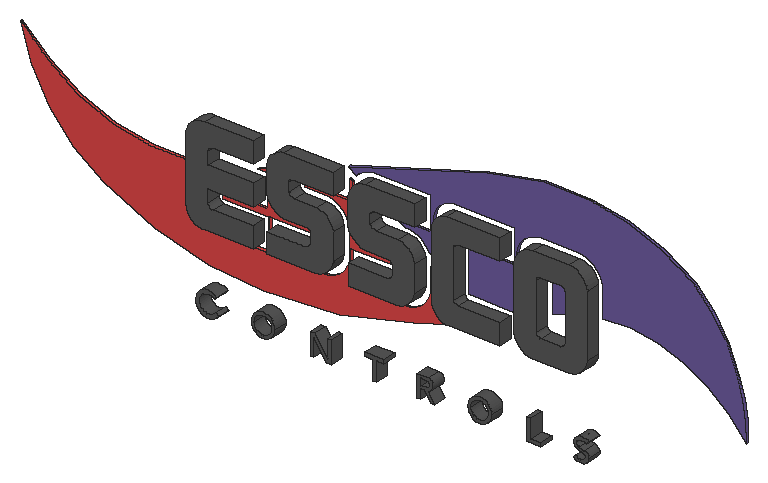
Revit family "ESS-ECO", category Mechanical Equipment, Revit 2015
Parameters (values of type "ECO-Twin")
  Voltage = 240 V
  URL = "www.esscocontrols.co.uk"
  Space Heating Supply = 19.1 mm
  Space Heating Return = 19.1 mm
  Min working pressure DHW = "2 Bar"
  Max working temperature = 95 °C
  Max working pressure secondary(heating) = "3 Bar"
  Max working pressure primary = "10 Bar"
  Manufacturer = "Essco Controls Ltd"
  Load Classification = Other
  Heat transfer capacity = "5-60kW"
  External Cover Visibility [instance] = yes
  Domestic Hot Water = 19.1 mm
  Domestic Cold Water Outlet = 19.1 mm
  Domestic Cold Water Inlet = 19.1 mm
  Connections = "¾” BSP Insulated Pipe"
  Central Heating Supply = 19.1 mm
  Central Heating Return = 19.1 mm
Reference planes
  plane 1 "Center (Front/Back)": y = 0
  plane 2: z = 0
  plane 3 "Center (Left/Right)": x = 0
  plane 4: z = -25
Dimensions and locks
  aligned and locked: level to plane 2
Nested families
  nested 1: "ESSCO_Logo" at (100.137, -335.892, 38.538) x (1, 0, 0) z (0, -1, 0), visible <- "External Cover Visibility", type "ESSCO_Logo"
Connectors
  electrical at (285.137, -54.3, 375), driven by "Voltage", driven by "Load Classification"
    settings: on import instance, index 24, voltage 240 V, apparent load 0 VA, apparent load phase1 0 VA, apparent load phase2 0 VA, apparent load phase3 0 VA, power factor 1, load classification "Other", number of poles 1, system type 31, power factor state 1, is connector primary yes, connector utility no, sub classification motor no, connector description ""
  piping at (-220.153, -181.479, -116.3), diameter 19.1, driven by "Domestic Cold Water Outlet"
    settings: on import instance, index 25, connector inside diameter 609.6 mm, connector length 0 mm, flow factor 0, pipe flow 0.0 L/s, pressure drop 0.0 Pa, fitting loss kfactor 0, connector angle 0.00°, fixture units 0, engagement length 0 mm, angle of deflection 0.00°, flow configuration 0, flow direction 0, fitting loss method 0, system type 29, joint type 0, gender type 0, connector reference index -1, connector utility 0, adjustable connector no, is connector primary yes, connector description ""
  piping at (-160.153, -181.5, -116.3), diameter 19.1, driven by "Domestic Hot Water"
    settings: on import instance, index 26, connector inside diameter 609.6 mm, connector length 0 mm, flow factor 0, pipe flow 0.0 L/s, pressure drop 0.0 Pa, fitting loss kfactor 0, connector angle 0.00°, fixture units 0, engagement length 0 mm, angle of deflection 0.00°, flow configuration 0, flow direction 0, fitting loss method 0, system type 29, joint type 0, gender type 0, connector reference index -1, connector utility 0, adjustable connector no, is connector primary no, connector description ""
  piping at (-100.153, -181.5, -116.3), diameter 19.1, driven by "Domestic Cold Water Inlet"
    settings: on import instance, index 27, connector inside diameter 609.6 mm, connector length 0 mm, flow factor 0, pipe flow 0.0 L/s, pressure drop 0.0 Pa, fitting loss kfactor 0, connector angle 0.00°, fixture units 0, engagement length 0 mm, angle of deflection 0.00°, flow configuration 0, flow direction 0, fitting loss method 0, system type 29, joint type 0, gender type 0, connector reference index -1, connector utility 0, adjustable connector no, is connector primary no, connector description ""
  piping at (-40.153, -181.479, -169.3), diameter 19.1, driven by "Central Heating Supply"
    settings: on import instance, index 28, connector inside diameter 609.6 mm, connector length 0 mm, flow factor 0, pipe flow 0.0 L/s, pressure drop 0.0 Pa, fitting loss kfactor 0, connector angle 0.00°, fixture units 0, engagement length 0 mm, angle of deflection 0.00°, flow configuration 0, flow direction 0, fitting loss method 0, system type 29, joint type 0, gender type 0, connector reference index -1, connector utility 0, adjustable connector no, is connector primary no, connector description ""
  piping at (59.847, -181.5, -169.3), diameter 19.1, driven by "Central Heating Return"
    settings: on import instance, index 29, connector inside diameter 609.6 mm, connector length 0 mm, flow factor 0, pipe flow 0.0 L/s, pressure drop 0.0 Pa, fitting loss kfactor 0, connector angle 0.00°, fixture units 0, engagement length 0 mm, angle of deflection 0.00°, flow configuration 0, flow direction 0, fitting loss method 0, system type 29, joint type 0, gender type 0, connector reference index -1, connector utility 0, adjustable connector no, is connector primary no, connector description ""
  piping at (127.347, -181.5, -116.3), diameter 19.1, driven by "Space Heating Return"
    settings: on import instance, index 30, connector inside diameter 609.6 mm, connector length 0 mm, flow factor 0, pipe flow 0.0 L/s, pressure drop 0.0 Pa, fitting loss kfactor 0, connector angle 0.00°, fixture units 0, engagement length 0 mm, angle of deflection 0.00°, flow configuration 0, flow direction 0, fitting loss method 0, system type 29, joint type 0, gender type 0, connector reference index -1, connector utility 0, adjustable connector no, is connector primary no, connector description ""
  piping at (194.847, -181.5, -116.3), diameter 19.1, driven by "Space Heating Supply"
    settings: on import instance, index 31, connector inside diameter 609.6 mm, connector length 0 mm, flow factor 0, pipe flow 0.0 L/s, pressure drop 0.0 Pa, fitting loss kfactor 0, connector angle 0.00°, fixture units 0, engagement length 0 mm, angle of deflection 0.00°, flow configuration 0, flow direction 0, fitting loss method 0, system type 29, joint type 0, gender type 0, connector reference index -1, connector utility 0, adjustable connector no, is connector primary no, connector description ""
Definition of nested family "ESSCO_Logo"
  Parameters (values of type "ESSCO_Logo")
    Default Elevation = 1219.2 mm
  Reference planes
    plane 1 "Center (Front/Back)": y = 0
    plane 2: z = 0
    plane 3 "Center (Left/Right)": x = 0
  Forms (mm)
    Extrusion 1, solid
      sketch origin (0, 0, 0) x (1, 0, 0) y (0, 1, 0)
        loop
          line (-1219.2, 1219.2) -> (-1219.2, -1219.2) -> (1219.2, -1219.2) -> (1219.2, 1219.2) -> (-1219.2, 1219.2)
      from 0 to -304.8
    Extrusion 2, solid, not visible
      sketch origin (-780.708, -218.954, 0) x (1, 0, 0) y (0, 1, 0)
        loop
          line (765.202, 238.25) -> (756.391, 238.25) -> (756.391, 233.65) -> (767.198, 233.65)
          arc (767.198, 233.65) -> (769.96, 234.789) -> (771.37, 237.424) r 4.427
          line (771.37, 237.424) -> (771.37, 243.343)
          arc (771.37, 243.343) -> (770.134, 245.829) -> (767.579, 246.917) r 4.009
          line (767.579, 246.917) -> (762.551, 246.917)
          arc (762.551, 246.917) -> (761.785, 247.313) -> (761.33, 248.046) r 1.623
          line (761.33, 248.046) -> (761.33, 249.986)
          arc (761.33, 249.986) -> (761.654, 250.547) -> (762.251, 250.8) r 1.02
          line (762.251, 250.8) -> (771.404, 250.8) -> (771.404, 255.403) -> (760.268, 255.44)
          arc (760.268, 255.44) -> (757.619, 254.299) -> (756.334, 251.717) r 4.194
          line (756.334, 251.717) -> (756.334, 246.106)
          arc (756.334, 246.106) -> (757.651, 243.547) -> (760.203, 242.217) r 4.751
          line (760.203, 242.217) -> (765.586, 242.217)
          arc (765.586, 242.217) -> (766.07, 241.975) -> (766.346, 241.51) r 0.962
          line (766.346, 241.51) -> (766.346, 239.137)
          arc (766.346, 239.137) -> (765.906, 238.523) -> (765.202, 238.25) r 1.325
        loop
          line (783.58, 238.25) -> (774.77, 238.25) -> (774.77, 233.65) -> (785.576, 233.65)
          arc (785.576, 233.65) -> (788.339, 234.789) -> (789.748, 237.424) r 4.427
          line (789.748, 237.424) -> (789.748, 243.343)
          arc (789.748, 243.343) -> (788.512, 245.829) -> (785.957, 246.917) r 4.009
          line (785.957, 246.917) -> (780.93, 246.917)
          arc (780.93, 246.917) -> (780.163, 247.313) -> (779.709, 248.046) r 1.623
          line (779.709, 248.046) -> (779.709, 249.986)
          arc (779.709, 249.986) -> (780.033, 250.547) -> (780.63, 250.8) r 1.02
          line (780.63, 250.8) -> (789.748, 250.8) -> (789.748, 255.44) -> (778.646, 255.44)
          arc (778.646, 255.44) -> (775.998, 254.299) -> (774.712, 251.717) r 4.194
          line (774.712, 251.717) -> (774.712, 246.106)
          arc (774.712, 246.106) -> (776.029, 243.547) -> (778.581, 242.217) r 4.751
          line (778.581, 242.217) -> (783.964, 242.217)
          arc (783.964, 242.217) -> (784.448, 241.975) -> (784.725, 241.51) r 0.962
          line (784.725, 241.51) -> (784.725, 239.137)
          arc (784.725, 239.137) -> (784.284, 238.523) -> (783.58, 238.25) r 1.325
        loop
          arc (717.483, 233.441) -> (735.006, 226.419) -> (753.742, 224.114) r 73.174
          arc (753.742, 224.114) -> (770.834, 225.296) -> (787.428, 229.555) r 94.158
          arc (787.428, 229.555) -> (791.895, 230.99) -> (796.394, 232.32) r 201.87
          arc (796.394, 232.32) -> (793.235, 234.476) -> (792.132, 238.139) r 5.739
          line (792.132, 238.139) -> (792.132, 241.595) -> (791.372, 242.355) -> (791.372, 237.283)
          arc (791.372, 237.283) -> (789.663, 233.998) -> (786.322, 232.4) r 5.842
          line (786.322, 232.4) -> (773.328, 232.4) -> (773.328, 239.65) -> (783.482, 239.65) -> (783.482, 240.911) -> (779.179, 240.911)
          arc (779.179, 240.911) -> (775.771, 242.07) -> (773.652, 244.981) r 5.959
          line (773.652, 244.981) -> (773.652, 253.178) -> (772.981, 253.68) -> (772.981, 249.258) -> (763.01, 249.258) -> (763.01, 248.456) -> (767.382, 248.456)
          arc (767.382, 248.456) -> (771.397, 246.876) -> (772.976, 242.861) r 5.405
          line (772.976, 242.861) -> (772.976, 236.599)
          arc (772.976, 236.599) -> (771.067, 233.783) -> (767.986, 232.34) r 6.409
          line (767.986, 232.34) -> (755.053, 232.34) -> (755.053, 239.567) -> (764.939, 239.567) -> (764.939, 241.007) -> (759.709, 241.007)
          arc (759.709, 241.007) -> (756.851, 242.484) -> (755.081, 245.171) r 6.362
          line (755.081, 245.171) -> (755.081, 249.384) -> (752.294, 248.345) -> (754.679, 248.345) -> (754.679, 241.129) -> (744.455, 241.129) -> (744.455, 239.567) -> (754.749, 239.567) -> (754.749, 232.34) -> (741.67, 232.34)
          arc (741.67, 232.34) -> (738.35, 233.683) -> (736.534, 236.771) r 5.568
          line (736.534, 236.771) -> (736.534, 244.685)
          arc (736.534, 244.685) -> (715.847, 247.481) -> (698.712, 259.404) r 44.496
          arc (698.712, 259.404) -> (705.364, 244.446) -> (717.483, 233.441) r 39.721
        loop
          line (743.08, 239.396) -> (743.08, 242.228) -> (753.387, 242.228) -> (753.387, 246.947) -> (743.08, 246.947) -> (743.08, 249.826)
          arc (743.08, 249.826) -> (743.449, 250.441) -> (744.096, 250.752) r 1.248
          line (744.096, 250.752) -> (753.304, 250.8) -> (753.304, 255.44) -> (742.382, 255.431)
          arc (742.382, 255.431) -> (739.369, 254.356) -> (738.077, 251.429) r 4.047
          line (738.077, 251.429) -> (738.077, 237.359)
          arc (738.077, 237.359) -> (739.487, 234.55) -> (742.51, 233.689) r 3.906
          line (742.51, 233.689) -> (753.37, 233.689) -> (753.37, 238.311) -> (744.264, 238.311)
          arc (744.264, 238.311) -> (743.477, 238.64) -> (743.08, 239.396) r 1.259
        loop
          arc (793.546, 237.378) -> (794.759, 234.594) -> (797.617, 233.566) r 3.833
          line (797.617, 233.566) -> (808.98, 233.588) -> (808.98, 238.27) -> (799.355, 238.27)
          arc (799.355, 238.27) -> (798.853, 238.601) -> (798.576, 239.135) r 1.192
          line (798.576, 239.135) -> (798.576, 249.851)
          arc (798.576, 249.851) -> (798.93, 250.462) -> (799.568, 250.767) r 1.192
          line (799.568, 250.767) -> (808.996, 250.767) -> (808.98, 255.403) -> (796.945, 255.403)
          arc (796.945, 255.403) -> (794.524, 254.151) -> (793.546, 251.607) r 3.833
          line (793.546, 251.607) -> (793.546, 237.378)
        loop
          arc (822.659, 238.266) -> (823.401, 238.53) -> (823.747, 239.238) r 1.045
          line (823.747, 239.238) -> (823.747, 249.723)
          arc (823.747, 249.723) -> (823.401, 250.43) -> (822.659, 250.695) r 1.045
          line (822.659, 250.695) -> (818.281, 250.695)
          arc (818.281, 250.695) -> (817.539, 250.43) -> (817.192, 249.723) r 1.045
          line (817.192, 249.723) -> (817.192, 239.238)
          arc (817.192, 239.238) -> (817.539, 238.53) -> (818.281, 238.266) r 1.045
          line (818.281, 238.266) -> (822.659, 238.266)
        loop
          arc (828.741, 251.482) -> (827.367, 254.235) -> (824.509, 255.373) r 4.315
          line (824.509, 255.373) -> (816.431, 255.373)
          arc (816.431, 255.373) -> (813.572, 254.235) -> (812.198, 251.482) r 4.315
          line (812.198, 251.482) -> (812.198, 237.479)
          arc (812.198, 237.479) -> (813.572, 234.726) -> (816.431, 233.588) r 4.315
          line (816.431, 233.588) -> (824.509, 233.588)
          arc (824.509, 233.588) -> (827.367, 234.726) -> (828.741, 237.479) r 4.315
          line (828.741, 237.479) -> (828.741, 251.482)
        loop
          arc (804.088, 265.78) -> (788.416, 261.265) -> (772.941, 256.115) r 400.548
          line (772.941, 256.115) -> (774.585, 254.823)
          arc (774.585, 254.823) -> (776.673, 256.358) -> (779.209, 256.888) r 6.1
          line (779.209, 256.888) -> (791.31, 256.888) -> (791.31, 249.288) -> (783.767, 249.288) -> (785.763, 248.243)
          arc (785.763, 248.243) -> (788.787, 247.528) -> (790.824, 245.18) r 5.063
          line (790.824, 245.18) -> (791.97, 244.378) -> (791.97, 251.293)
          arc (791.97, 251.293) -> (793.782, 255.64) -> (798.331, 256.861) r 5.339
          line (798.331, 256.861) -> (810.351, 256.861) -> (810.351, 249.285) -> (799.961, 249.285) -> (799.961, 239.749) -> (810.43, 239.749) -> (810.43, 237.696) -> (810.823, 238.619) -> (810.823, 251.849)
          arc (810.823, 251.849) -> (812.801, 255.554) -> (816.809, 256.808) r 5.542
          line (816.809, 256.808) -> (824.255, 256.808)
          arc (824.255, 256.808) -> (828.188, 255.587) -> (830.208, 251.998) r 5.572
          line (830.208, 251.998) -> (830.208, 245.346)
          arc (830.208, 245.346) -> (839.541, 245.442) -> (848.51, 242.86) r 32.235
          arc (848.51, 242.86) -> (856.311, 238.134) -> (862.633, 231.561) r 35.134
          arc (862.633, 231.561) -> (862.312, 238.055) -> (860.558, 244.316) r 29.111
          arc (860.558, 244.316) -> (856.775, 252.688) -> (850.72, 259.596) r 31.222
          arc (850.72, 259.596) -> (839.727, 265.743) -> (827.396, 268.304) r 41.443
          arc (827.396, 268.304) -> (822.117, 268.545) -> (816.833, 268.418) r 75.982
          arc (816.833, 268.418) -> (810.401, 267.388) -> (804.088, 265.78) r 71.968
        loop
          line (822.364, 243.734) -> (822.364, 249.337) -> (818.831, 249.337) -> (818.831, 242.352)
          arc (818.831, 242.352) -> (820.591, 243.06) -> (822.364, 243.734) r 97.32
        loop
          line (744.61, 220.387) -> (745.176, 220.954)
          arc (745.176, 220.954) -> (740.362, 218.694) -> (745.435, 217.099) r 2.854
          line (745.435, 217.099) -> (744.781, 217.624)
          arc (744.781, 217.624) -> (741.22, 218.791) -> (744.61, 220.387) r 2.016
        loop
          circle (755.539, 218.954) r 2.016
        loop
          circle (755.539, 218.954) r 2.661
        loop
          circle (804.443, 218.954) r 2.016
        loop
          circle (804.443, 218.954) r 2.661
        loop
          line (766.21, 221.451) -> (766.21, 216.54) -> (767.001, 216.54) -> (767.001, 220.549) -> (769.932, 216.48) -> (770.962, 216.48) -> (770.962, 221.433) -> (770.141, 221.433) -> (770.141, 217.282) -> (767.191, 221.451) -> (766.21, 221.451)
        loop
          line (778.523, 221.574) -> (778.523, 220.764) -> (780.333, 220.764) -> (780.333, 216.439) -> (781.143, 216.439) -> (781.143, 220.774) -> (782.864, 220.774) -> (782.864, 221.574) -> (778.523, 221.574)
        loop
          arc (792.613, 218.754) -> (793.911, 219.978) -> (792.858, 221.418) r 1.348
          line (792.858, 221.418) -> (790.282, 221.418) -> (790.282, 216.522) -> (791.092, 216.522) -> (791.092, 218.649) -> (792.005, 218.649) -> (793.291, 216.476) -> (794.238, 216.476) -> (792.613, 218.754)
        loop
          arc (792.589, 219.268) -> (793.17, 220.029) -> (792.601, 220.799) r 0.797
          line (792.601, 220.799) -> (791.092, 220.799) -> (791.092, 219.268) -> (792.589, 219.268)
        loop
          line (815.927, 221.44) -> (815.117, 221.44) -> (815.117, 216.452) -> (818.244, 216.452) -> (818.244, 217.262) -> (815.927, 217.262) -> (815.927, 221.44)
        loop
          line (828.525, 220.587) -> (829.092, 221.154)
          arc (829.092, 221.154) -> (827.218, 221.665) -> (825.676, 220.484) r 2.188
          arc (825.676, 220.484) -> (825.689, 219.876) -> (825.932, 219.317) r 1.575
          arc (825.932, 219.317) -> (826.858, 218.782) -> (827.866, 218.423) r 5.88
          arc (827.866, 218.423) -> (828.262, 218.167) -> (828.332, 217.7) r 0.573
          arc (828.332, 217.7) -> (827.289, 217.01) -> (826.156, 217.541) r 1.277
          line (826.156, 217.541) -> (825.566, 217.024)
          arc (825.566, 217.024) -> (826.655, 216.436) -> (827.892, 216.41) r 2.636
          arc (827.892, 216.41) -> (828.75, 216.933) -> (829.141, 217.859) r 1.639
          arc (829.141, 217.859) -> (828.747, 218.639) -> (827.99, 219.074) r 1.525
          arc (827.99, 219.074) -> (827.407, 219.251) -> (826.839, 219.472) r 7.945
          arc (826.839, 219.472) -> (826.433, 219.861) -> (826.417, 220.423) r 0.742
          arc (826.417, 220.423) -> (827.436, 220.95) -> (828.525, 220.587) r 1.475
      from 0 to 5
    Extrusion 3, solid
      sketch origin (0, 0, 0) x (1, 0, 0) y (0, 1, 0)
        loop
          arc (-63.225, 14.487) -> (-45.702, 7.465) -> (-26.966, 5.16) r 73.174
          arc (-26.966, 5.16) -> (-9.874, 6.342) -> (6.72, 10.601) r 94.158
          arc (6.72, 10.601) -> (11.187, 12.035) -> (15.686, 13.366) r 201.87
          arc (15.686, 13.366) -> (12.526, 15.522) -> (11.424, 19.185) r 5.739
          line (11.424, 19.185) -> (11.424, 22.641) -> (10.664, 23.401) -> (10.664, 18.329)
          arc (10.664, 18.329) -> (8.954, 15.044) -> (5.613, 13.446) r 5.842
          line (5.613, 13.446) -> (-7.38, 13.446) -> (-7.38, 20.696) -> (2.774, 20.696) -> (2.774, 21.957) -> (-1.529, 21.957)
          arc (-1.529, 21.957) -> (-4.937, 23.116) -> (-7.056, 26.027) r 5.959
          line (-7.056, 26.027) -> (-7.056, 34.224) -> (-7.727, 34.726) -> (-7.727, 30.303) -> (-17.698, 30.303) -> (-17.698, 29.502) -> (-13.326, 29.502)
          arc (-13.326, 29.502) -> (-9.311, 27.922) -> (-7.732, 23.907) r 5.405
          line (-7.732, 23.907) -> (-7.732, 17.645)
          arc (-7.732, 17.645) -> (-9.641, 14.829) -> (-12.722, 13.386) r 6.409
          line (-12.722, 13.386) -> (-25.656, 13.386) -> (-25.656, 20.613) -> (-15.769, 20.613) -> (-15.769, 22.053) -> (-20.999, 22.053)
          arc (-20.999, 22.053) -> (-23.857, 23.53) -> (-25.627, 26.217) r 6.362
          line (-25.627, 26.217) -> (-25.627, 30.43) -> (-28.414, 29.391) -> (-26.029, 29.391) -> (-26.029, 22.175) -> (-36.253, 22.175) -> (-36.253, 20.613) -> (-25.96, 20.613) -> (-25.96, 13.386) -> (-39.038, 13.386)
          arc (-39.038, 13.386) -> (-42.359, 14.729) -> (-44.174, 17.817) r 5.568
          line (-44.174, 17.817) -> (-44.174, 25.731)
          arc (-44.174, 25.731) -> (-64.861, 28.527) -> (-81.997, 40.45) r 44.496
          arc (-81.997, 40.45) -> (-75.345, 25.492) -> (-63.225, 14.487) r 39.721
      from 0 to 0.5
    Extrusion 4, solid
      sketch origin (0, 0, 0) x (1, 0, 0) y (0, 1, 0)
        loop
          line (-15.506, 19.296) -> (-24.317, 19.296) -> (-24.317, 14.696) -> (-13.511, 14.696)
          arc (-13.511, 14.696) -> (-10.748, 15.835) -> (-9.338, 18.47) r 4.427
          line (-9.338, 18.47) -> (-9.338, 24.389)
          arc (-9.338, 24.389) -> (-10.574, 26.875) -> (-13.129, 27.962) r 4.009
          line (-13.129, 27.962) -> (-18.157, 27.962)
          arc (-18.157, 27.962) -> (-18.923, 28.359) -> (-19.378, 29.092) r 1.623
          line (-19.378, 29.092) -> (-19.378, 31.031)
          arc (-19.378, 31.031) -> (-19.054, 31.593) -> (-18.457, 31.846) r 1.02
          line (-18.457, 31.846) -> (-9.304, 31.846) -> (-9.304, 36.448) -> (-20.441, 36.486)
          arc (-20.441, 36.486) -> (-23.089, 35.344) -> (-24.374, 32.763) r 4.194
          line (-24.374, 32.763) -> (-24.374, 27.151)
          arc (-24.374, 27.151) -> (-23.058, 24.593) -> (-20.506, 23.263) r 4.751
          line (-20.506, 23.263) -> (-15.122, 23.263)
          arc (-15.122, 23.263) -> (-14.639, 23.021) -> (-14.362, 22.556) r 0.962
          line (-14.362, 22.556) -> (-14.362, 20.182)
          arc (-14.362, 20.182) -> (-14.802, 19.569) -> (-15.506, 19.296) r 1.325
        loop
          line (2.872, 19.296) -> (-5.938, 19.296) -> (-5.938, 14.696) -> (4.868, 14.696)
          arc (4.868, 14.696) -> (7.631, 15.835) -> (9.04, 18.47) r 4.427
          line (9.04, 18.47) -> (9.04, 24.389)
          arc (9.04, 24.389) -> (7.804, 26.875) -> (5.249, 27.962) r 4.009
          line (5.249, 27.962) -> (0.221, 27.962)
          arc (0.221, 27.962) -> (-0.545, 28.359) -> (-0.999, 29.092) r 1.623
          line (-0.999, 29.092) -> (-0.999, 31.031)
          arc (-0.999, 31.031) -> (-0.676, 31.593) -> (-0.078, 31.846) r 1.02
          line (-0.078, 31.846) -> (9.04, 31.846) -> (9.04, 36.486) -> (-2.062, 36.486)
          arc (-2.062, 36.486) -> (-4.711, 35.344) -> (-5.996, 32.763) r 4.194
          line (-5.996, 32.763) -> (-5.996, 27.151)
          arc (-5.996, 27.151) -> (-4.679, 24.593) -> (-2.127, 23.263) r 4.751
          line (-2.127, 23.263) -> (3.256, 23.263)
          arc (3.256, 23.263) -> (3.74, 23.021) -> (4.016, 22.556) r 0.962
          line (4.016, 22.556) -> (4.016, 20.182)
          arc (4.016, 20.182) -> (3.576, 19.569) -> (2.872, 19.296) r 1.325
        loop
          line (-37.628, 20.441) -> (-37.628, 23.273) -> (-27.321, 23.273) -> (-27.321, 27.993) -> (-37.628, 27.993) -> (-37.628, 30.871)
          arc (-37.628, 30.871) -> (-37.259, 31.487) -> (-36.612, 31.797) r 1.248
          line (-36.612, 31.797) -> (-27.404, 31.846) -> (-27.404, 36.486) -> (-38.326, 36.476)
          arc (-38.326, 36.476) -> (-41.34, 35.401) -> (-42.631, 32.474) r 4.047
          line (-42.631, 32.474) -> (-42.631, 18.405)
          arc (-42.631, 18.405) -> (-41.221, 15.595) -> (-38.198, 14.735) r 3.906
          line (-38.198, 14.735) -> (-27.338, 14.735) -> (-27.338, 19.357) -> (-36.444, 19.357)
          arc (-36.444, 19.357) -> (-37.232, 19.686) -> (-37.628, 20.441) r 1.259
        loop
          arc (12.838, 18.424) -> (14.051, 15.64) -> (16.909, 14.612) r 3.833
          line (16.909, 14.612) -> (28.272, 14.634) -> (28.272, 19.316) -> (18.647, 19.316)
          arc (18.647, 19.316) -> (18.145, 19.647) -> (17.868, 20.181) r 1.192
          line (17.868, 20.181) -> (17.868, 30.896)
          arc (17.868, 30.896) -> (18.221, 31.508) -> (18.859, 31.812) r 1.192
          line (18.859, 31.812) -> (28.288, 31.812) -> (28.272, 36.448) -> (16.237, 36.448)
          arc (16.237, 36.448) -> (13.816, 35.197) -> (12.838, 32.653) r 3.833
          line (12.838, 32.653) -> (12.838, 18.424)
        loop
          arc (41.95, 19.312) -> (42.692, 19.576) -> (43.039, 20.284) r 1.045
          line (43.039, 20.284) -> (43.039, 30.769)
          arc (43.039, 30.769) -> (42.692, 31.476) -> (41.95, 31.741) r 1.045
          line (41.95, 31.741) -> (37.572, 31.741)
          arc (37.572, 31.741) -> (36.83, 31.476) -> (36.484, 30.769) r 1.045
          line (36.484, 30.769) -> (36.484, 20.284)
          arc (36.484, 20.284) -> (36.83, 19.576) -> (37.572, 19.312) r 1.045
          line (37.572, 19.312) -> (41.95, 19.312)
        loop
          arc (48.033, 32.528) -> (46.659, 35.281) -> (43.8, 36.419) r 4.315
          line (43.8, 36.419) -> (35.722, 36.419)
          arc (35.722, 36.419) -> (32.864, 35.281) -> (31.49, 32.528) r 4.315
          line (31.49, 32.528) -> (31.49, 18.524)
          arc (31.49, 18.524) -> (32.864, 15.772) -> (35.722, 14.634) r 4.315
          line (35.722, 14.634) -> (43.8, 14.634)
          arc (43.8, 14.634) -> (46.659, 15.772) -> (48.033, 18.524) r 4.315
          line (48.033, 18.524) -> (48.033, 32.528)
      from 0 to 3
    Extrusion 5, solid
      sketch origin (0, 0, 0) x (1, 0, 0) y (0, 1, 0)
        loop
          arc (23.38, 46.826) -> (7.708, 42.311) -> (-7.767, 37.161) r 400.548
          line (-7.767, 37.161) -> (-6.123, 35.868)
          arc (-6.123, 35.868) -> (-4.036, 37.404) -> (-1.5, 37.934) r 6.1
          line (-1.5, 37.934) -> (10.602, 37.934) -> (10.602, 30.334) -> (3.059, 30.334) -> (5.054, 29.289)
          arc (5.054, 29.289) -> (8.079, 28.573) -> (10.116, 26.226) r 5.063
          line (10.116, 26.226) -> (11.261, 25.423) -> (11.261, 32.338)
          arc (11.261, 32.338) -> (13.074, 36.686) -> (17.622, 37.907) r 5.339
          line (17.622, 37.907) -> (29.643, 37.907) -> (29.643, 30.331) -> (19.253, 30.331) -> (19.253, 20.794) -> (29.722, 20.794) -> (29.722, 18.741) -> (30.115, 19.665) -> (30.115, 32.895)
          arc (30.115, 32.895) -> (32.092, 36.6) -> (36.1, 37.854) r 5.542
          line (36.1, 37.854) -> (43.546, 37.854)
          arc (43.546, 37.854) -> (47.479, 36.633) -> (49.5, 33.044) r 5.572
          line (49.5, 33.044) -> (49.5, 26.392)
          arc (49.5, 26.392) -> (58.833, 26.487) -> (67.802, 23.905) r 32.235
          arc (67.802, 23.905) -> (75.603, 19.18) -> (81.924, 12.606) r 35.134
          arc (81.924, 12.606) -> (81.604, 19.101) -> (79.849, 25.362) r 29.111
          arc (79.849, 25.362) -> (76.067, 33.734) -> (70.011, 40.642) r 31.222
          arc (70.011, 40.642) -> (59.019, 46.789) -> (46.688, 49.349) r 41.443
          arc (46.688, 49.349) -> (41.408, 49.591) -> (36.125, 49.464) r 75.982
          arc (36.125, 49.464) -> (29.693, 48.434) -> (23.38, 46.826) r 71.968
        loop
          line (41.656, 24.78) -> (41.656, 30.383) -> (38.123, 30.383) -> (38.123, 23.397)
          arc (38.123, 23.397) -> (39.882, 24.106) -> (41.656, 24.78) r 97.32
      from 0 to 0.5
    Extrusion 6, solid
      sketch origin (0, 0, 0) x (1, 0, 0) y (0, 1, 0)
        loop
          line (-36.099, 1.433) -> (-35.532, 2)
          arc (-35.532, 2) -> (-40.346, -0.26) -> (-35.273, -1.855) r 2.854
          line (-35.273, -1.855) -> (-35.927, -1.33)
          arc (-35.927, -1.33) -> (-39.488, -0.164) -> (-36.099, 1.433) r 2.016
        loop
          circle (-25.169, 0) r 2.016
        loop
          circle (-25.169, 0) r 2.661
        loop
          circle (23.735, 0) r 2.016
        loop
          circle (23.735, 0) r 2.661
        loop
          line (-14.498, 2.497) -> (-14.498, -2.414) -> (-13.707, -2.414) -> (-13.707, 1.595) -> (-10.777, -2.474) -> (-9.747, -2.474) -> (-9.747, 2.479) -> (-10.567, 2.479) -> (-10.567, -1.672) -> (-13.517, 2.497) -> (-14.498, 2.497)
        loop
          line (-2.186, 2.62) -> (-2.186, 1.81) -> (-0.375, 1.81) -> (-0.375, -2.515) -> (0.435, -2.515) -> (0.435, 1.82) -> (2.156, 1.82) -> (2.156, 2.62) -> (-2.186, 2.62)
        loop
          arc (11.904, -0.2) -> (13.203, 1.023) -> (12.15, 2.464) r 1.348
          line (12.15, 2.464) -> (9.574, 2.464) -> (9.574, -2.432) -> (10.384, -2.432) -> (10.384, -0.305) -> (11.296, -0.305) -> (12.583, -2.479) -> (13.53, -2.479) -> (11.904, -0.2)
        loop
          arc (11.881, 0.314) -> (12.462, 1.075) -> (11.893, 1.845) r 0.797
          line (11.893, 1.845) -> (10.384, 1.845) -> (10.384, 0.314) -> (11.881, 0.314)
        loop
          line (35.218, 2.486) -> (34.408, 2.486) -> (34.408, -2.502) -> (37.536, -2.502) -> (37.536, -1.692) -> (35.218, -1.692) -> (35.218, 2.486)
        loop
          line (47.816, 1.633) -> (48.384, 2.2)
          arc (48.384, 2.2) -> (46.51, 2.711) -> (44.968, 1.53) r 2.188
          arc (44.968, 1.53) -> (44.981, 0.921) -> (45.224, 0.363) r 1.575
          arc (45.224, 0.363) -> (46.15, -0.172) -> (47.157, -0.531) r 5.88
          arc (47.157, -0.531) -> (47.554, -0.787) -> (47.623, -1.254) r 0.573
          arc (47.623, -1.254) -> (46.58, -1.945) -> (45.448, -1.413) r 1.277
          line (45.448, -1.413) -> (44.858, -1.93)
          arc (44.858, -1.93) -> (45.947, -2.518) -> (47.184, -2.545) r 2.636
          arc (47.184, -2.545) -> (48.041, -2.021) -> (48.432, -1.095) r 1.639
          arc (48.432, -1.095) -> (48.038, -0.316) -> (47.281, 0.12) r 1.525
          arc (47.281, 0.12) -> (46.698, 0.297) -> (46.131, 0.518) r 7.945
          arc (46.131, 0.518) -> (45.725, 0.907) -> (45.709, 1.469) r 0.742
          arc (45.709, 1.469) -> (46.728, 1.996) -> (47.816, 1.633) r 1.475
      from 0 to 3
  Dimensions and locks
    aligned and locked: plane 2 to Extrusion 1
    aligned and locked: level to Extrusion 1
